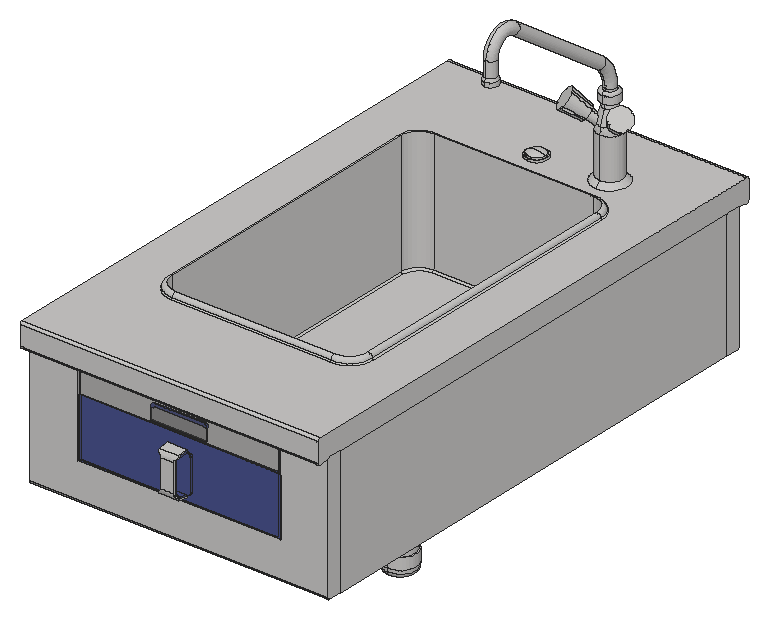
Revit family "QF_ELECTROLUXPROFESSIONAL_589635_MCBGAAEOAO", category Specialty Equipment, Revit 2018
Family settings
  Round Connector Dimension = Use Diameter
  Part Type = Normal
  Work Plane-Based = No
  Always vertical = Yes
  Cut with Voids When Loaded = No
  Shared = No
  Room Calculation Point = No
Parameters
  Weight in Pounds = 55.11
  Watts = 1500 VA  # 1500 W
  Waste Water Discharge Temperature [instance] = -459.67 °F
  Volts = 400 V  # constant formula
  URL Cutsheet = ""
  Type Mark [instance] = ""
  Status [instance] = ""
  Specification by User [instance] = ""
  Specification by Manufacturer = ""
  Small Baine = yes
  Serial Number = ""
  Seismic Rating = ""
  SMACNA No = ""
  Revision Code [instance] = ""
  Plumbing Remarks [instance] = ""
  Plumbing Connection Type [instance] = ""
  Phase = 3  # constant formula
  Omniclass Number and Title = ""
  Number of Poles [instance] = 1
  NAFEM Spec ID Number = ""
  Model = "589635"
  Min Ckt Ampacity = 0 A
  Max Overcurrent Protection = 0 A
  Masterspec = ""
  Manufacturer = "ELECTROLUX"
  Item Number [instance] = ""
  Installed By [instance] = ""
  Indirect Waste Size = 1"
  Indirect Waste Flow [instance] = 0 GPM
  Indirect Waste Connection Type [instance] = ""
  Indirect Waste Connection Height = 0 mm
  Identify Quantity as Lot [instance] = yes
  Hot Water Temperature = -459.67 °F
  Hot Water Size = 3/4"
  Hot Water RI Height [instance] = 0 mm
  Hot Water Minimum Pressure = 0.00 psi
  Hot Water Maximum Pressure = 0.00 psi
  Hot Water Flow [instance] = 0 GPM
  Hot Water Consumption = 0 GPM
  Hot Water Connection Height = 0 mm
  HP = "2 HP"
  Furnished By [instance] = ""
  Foodservice Equipment Identifier [instance] = yes
  FL Amps [instance] = if(Phase = 3, Watts / (Volts * 1.73), Watts / Volts)  # 2.16763 A
  Electrical Remarks = "400 V/3N ph/50/60 Hz"  # constant formula
  Electric Connection Type [instance] = ""
  Elec Conn RI Height [instance] = 0 mm
  Elec Conn Connection Height [instance] = 0 mm
  Direct Waste Size = 1"
  Description = "EL.BAINMARIE,1/1GN,TAP(R),1S,500X900X250"
  Cycle [instance] = if([60 Hertz Option], 60 Hz, 50 Hz)  # 60 Hz
  Conn Plug = ""
  Conn Conduit = yes
  Cold Water Temperature Recommended [instance] = 0 °F
  Cold Water Size = 3/4"
  Cold Water RI Height [instance] = 0 mm
  Cold Water Minimum Pressure = 0.00 psi
  Cold Water Maximum Pressure = 0.00 psi
  Cold Water Flow [instance] = 0 GPM
  Cold Water Consumption = ""
  Cold Water Connection Height = 0 mm
  CSI MasterFormat = ""
  CSI Master Format = ""
  Back Panel [instance] = yes
  Apparent Power [instance] = if(Phase = 3, Volts * FL Amps * 1.73, Volts * FL Amps)  # 1500 VA
  60 Hertz Option [instance] = not([50 Hertz Option])  # yes
  50 Hertz Option [instance] = no
Reference planes
  plane 1 "BACK": y = 0
  plane 2: z = 0
  plane 3 "LEFT": x = 0
  plane 4 "RIGHT": x = 500
  plane 5 "FRONT": y = -900
  plane 6 "TOP": z = 250
  plane 7: x = 250
  plane 8: y = -450
  plane 9: z = 582.185
  plane 10: x = 465
  plane 11: y = -144
Forms (mm)
  Extrusion 1, solid, material "QF_Finishes_Stainless Steel"
    sketch origin (0, -487.128, 0) x (0, 1, 0) y (0, 0, 1)
      loop
        line (483.128, 250) -> (-408.872, 250)
        arc (-408.872, 250) -> (-411.7, 248.828) -> (-412.872, 246) r 4
        line (-412.872, 246) -> (-412.872, 214)
        arc (-412.872, 214) -> (-411.443, 210.936) -> (-408.177, 210.061) r 4
        line (-408.177, 210.061) -> (-391.509, 213) -> (465.765, 213) -> (482.433, 210.061)
        arc (482.433, 210.061) -> (485.699, 210.936) -> (487.128, 214) r 4
        line (487.128, 214) -> (487.128, 246)
        arc (487.128, 246) -> (485.956, 248.828) -> (483.128, 250) r 4
    from 0 to 500
  Extrusion 2, void
    sketch origin (0, -4, 250) x (1, 0, 0) y (0, -1, 0)
      loop
        line (423.051, 206.931) -> (423.051, 685.069)
        arc (423.051, 685.069) -> (411.335, 713.354) -> (383.051, 725.069) r 40
        line (383.051, 725.069) -> (116.931, 725.069)
        arc (116.931, 725.069) -> (88.646, 713.354) -> (76.931, 685.069) r 40
        line (76.931, 685.069) -> (76.931, 206.931)
        arc (76.931, 206.931) -> (88.646, 178.647) -> (116.931, 166.931) r 40
        line (116.931, 166.931) -> (383.051, 166.931)
        arc (383.051, 166.931) -> (411.335, 178.647) -> (423.051, 206.931) r 40
    from 0 to 40
  Extrusion 3, solid, material "QF_Finishes_Stainless Steel"
    sketch origin (-178.969, -4572, 0) x (-1, 0, 0) y (0, -1, 0)
      loop
        line (-178.969, -4526) -> (-178.969, -3718) -> (-678.969, -3718) -> (-678.969, -4526) -> (-178.969, -4526)
      loop
        line (-204.369, -4500.6) -> (-204.369, -3743.4) -> (-653.569, -3743.4) -> (-653.569, -4500.6) -> (-204.369, -4500.6)
    from 0 to 213
  Extrusion 4, solid, material "QF_Finishes_Stainless Steel"
    sketch origin (-178.969, -4572, 0) x (-1, 0, 0) y (0, -1, 0)
      loop
        line (-204.369, -4500.6) -> (-204.369, -3743.4) -> (-653.569, -3743.4) -> (-653.569, -4500.6) -> (-204.369, -4500.6)
    from 0 to 10
  Extrusion 5, solid, material "QF_Finishes_Stainless Steel", visible <- "Back Panel"
    sketch origin (0, 0, 0) x (0, 1, 0) y (0, 0, 1)
      loop
        line (-46, 0) -> (-23, 0)
        arc (-23, 0) -> (-20.879, 0.879) -> (-20, 3) r 3
        line (-20, 3) -> (-20, 213) -> (-46, 213) -> (-46, 0)
    from 0 to 500
  Extrusion 6, solid, material "QF_Finishes_Stainless Steel"
    sketch origin (-50, 0, 0) x (1, 0, 0) y (0, 1, 0)
      loop
        circle (300, -685) r 12.7
    from 0 to 12.5
  Extrusion 7, solid, material "QF_Finishes_Stainless Steel"
    sketch origin (-50, -10.197, 250) x (0, -1, 0) y (1, 0, 0)
      loop
        circle (120.803, 300) r 17.578
    from 0 to 3.2
  Revolve 8, solid, material "QF_Finishes_Stainless Steel"
    sketch origin (0, -131, 2.262) x (1, 0, 0) y (0, 0, 1)
      loop
        line (250, 250.938) -> (250, 256.608)
        arc (250, 256.608) -> (242.261, 255.697) -> (235, 252.868) r 30.732
        line (235, 252.868) -> (235, 250.938) -> (250, 250.938)
      axis (250, 250.938) -> (250, 256.608)
    angle from 0 to 360
  Revolve 9, solid, material "QF_Finishes_Stainless Steel"
    sketch origin (465, 1282.872, -192.047) x (0, 1, 0) y (0, 0, 1)
      loop
        line (-1937.861, 186.547) -> (-1937.861, 192.047) -> (-1967.861, 192.047) -> (-1967.861, 141.547) -> (-1947.861, 141.547)
        arc (-1947.861, 141.547) -> (-1943.618, 143.305) -> (-1941.861, 147.547) r 6
        line (-1941.861, 147.547) -> (-1941.361, 153.547) -> (-1941.361, 172.547) -> (-1944.361, 172.547) -> (-1944.361, 186.547) -> (-1937.861, 186.547)
      axis (-1967.872, 141.547) -> (-1967.872, 192.047)
    angle from 0 to 360
  Revolve 10, solid, material "QF_Finishes_Black"
    sketch origin (365, -104.517, -46.552) x (0, 1, 0) y (0, 0, 1)
      loop
        arc (-25.958, 192.99) -> (-25.178, 193.771) -> (-25.958, 194.552) r 0.781
        line (-25.958, 194.552) -> (-27.459, 194.552) -> (-27.459, 179.552) -> (-29.958, 179.552) -> (-29.958, 177.38) -> (-28.404, 177.38) -> (-27.456, 177.547) -> (-26.894, 178.11) -> (-25.907, 178.11) -> (-25.907, 180.54)
        arc (-25.907, 180.54) -> (-25.128, 181.318) -> (-25.907, 182.097) r 0.779
        arc (-25.907, 182.097) -> (-25.128, 182.875) -> (-25.907, 183.654) r 0.779
        arc (-25.907, 183.654) -> (-25.128, 184.433) -> (-25.907, 185.211) r 0.779
        arc (-25.907, 185.211) -> (-25.128, 185.99) -> (-25.907, 186.768) r 0.779
        arc (-25.907, 186.768) -> (-25.128, 187.547) -> (-25.907, 188.326) r 0.779
        arc (-25.907, 188.326) -> (-25.128, 189.104) -> (-25.907, 189.883) r 0.779
        arc (-25.907, 189.883) -> (-25.128, 190.661) -> (-25.907, 191.44) r 0.779
        arc (-25.907, 191.44) -> (-25.128, 192.219) -> (-25.907, 192.997) r 0.779
      axis (-39.483, 194.552) -> (-39.483, 177.38)
    angle from 0 to 360
  Sweep 11, solid, material "QF_Finishes_Stainless Steel"
    path origin (-178.969, -4572, 0) x (-1, 0, 0) y (0, -1, 0)
      loop
        line (-255.899, -4361.069) -> (-255.899, -3882.931)
        arc (-255.899, -3882.931) -> (-267.615, -3854.646) -> (-295.899, -3842.931) r 40
        line (-295.899, -3842.931) -> (-562.02, -3842.931)
        arc (-562.02, -3842.931) -> (-590.304, -3854.646) -> (-602.02, -3882.931) r 40
        line (-602.02, -3882.931) -> (-602.02, -4361.069)
        arc (-602.02, -4361.069) -> (-590.304, -4389.353) -> (-562.02, -4401.069) r 40
        line (-562.02, -4401.069) -> (-295.899, -4401.069)
        arc (-295.899, -4401.069) -> (-267.615, -4389.353) -> (-255.899, -4361.069) r 40
    profile origin (76.931, -450, 0) x (1, 0, 0) y (0, 0, 1)
      loop
        arc (9.05, 258) -> (4.345, 256.153) -> (1.961, 251.697) r 7.314
        arc (1.961, 251.697) -> (1.3, 250.48) -> (0, 250) r 1.969
        line (0, 250) -> (8.05, 250) -> (8.05, 54)
        arc (8.05, 54) -> (9.221, 51.172) -> (12.05, 50) r 4
        line (12.05, 50) -> (12.05, 51)
        arc (12.05, 51) -> (9.928, 51.879) -> (9.05, 54) r 3
        line (9.05, 54) -> (9.05, 258)
  Extrusion 12, solid, material "QF_Finishes_Stainless Steel"
    sketch origin (-178.969, -4572, 0) x (-1, 0, 0) y (0, -1, 0)
      loop
        arc (-267.949, -3882.931) -> (-276.135, -3863.167) -> (-295.899, -3854.98) r 27.95
        line (-295.899, -3854.98) -> (-562.02, -3854.98)
        arc (-562.02, -3854.98) -> (-581.784, -3863.167) -> (-589.97, -3882.931) r 27.95
        line (-589.97, -3882.931) -> (-589.97, -4361.069)
        arc (-589.97, -4361.069) -> (-581.784, -4380.833) -> (-562.02, -4389.02) r 27.95
        line (-562.02, -4389.02) -> (-295.899, -4389.02)
        arc (-295.899, -4389.02) -> (-276.135, -4380.833) -> (-267.949, -4361.069) r 27.95
        line (-267.949, -4361.069) -> (-267.949, -3882.931)
    from 50 to 51
Cuts and joins
  Extrusion 2 cuts Extrusion 1
  joined: Extrusion 3, Extrusion 4
  joined: Sweep 11, Extrusion 12
Lines and regions (mm)
  symbolic lines
    curve 1: line (0, 0, 0) -> (500, 0, 0)
    curve 2: line (0, -900, 0) -> (0, 0, 0)
    curve 3: line (500, -900, 0) -> (0, -900, 0)
    curve 4: line (500, 0, 0) -> (500, -900, 0)
    curve 5: circle (250, -664.789, 0) r 14.885 normal (0, 0, 1)
    curve 6: circle (250, -131, 0) r 15 normal (0, 0, 1)
    curve 7: circle (250, -131, 0) r 17.578 normal (0, 0, 1)
    curve 8: line (85.98, -689.069, 0) -> (85.98, -210.931, 0)
    curve 9: arc (85.98, -689.069, 0) -> (95.045, -710.955, 0) -> (116.931, -720.02, 0) r 30.95
    curve 10: line (383.051, -720.02, 0) -> (116.931, -720.02, 0)
    curve 11: line (116.931, -729.069, 0) -> (383.051, -729.069, 0)
    curve 12: arc (76.931, -689.069, 0) -> (88.646, -717.354, 0) -> (116.931, -729.069, 0) r 40
    curve 13: line (76.931, -210.931, 0) -> (76.931, -689.069, 0)
    curve 14: arc (383.051, -720.02, 0) -> (404.936, -710.955, 0) -> (414.001, -689.069, 0) r 30.95
    curve 15: arc (423.051, -689.069, 0) -> (411.335, -717.354, 0) -> (383.051, -729.069, 0) r 40
    curve 16: line (423.051, -689.069, 0) -> (423.051, -210.931, 0)
    curve 17: line (414.001, -210.931, 0) -> (414.001, -689.069, 0)
    curve 18: arc (414.001, -210.931, 0) -> (404.936, -189.046, 0) -> (383.051, -179.98, 0) r 30.95
    curve 19: arc (383.051, -170.931, 0) -> (411.335, -182.647, 0) -> (423.051, -210.931, 0) r 40
    curve 20: line (383.051, -170.931, 0) -> (374.525, -170.931, 0)
    curve 21: line (116.931, -179.98, 0) -> (355.475, -179.98, 0)
    curve 22: arc (116.931, -179.98, 0) -> (95.045, -189.046, 0) -> (85.98, -210.931, 0) r 30.95
    curve 23: arc (76.931, -210.931, 0) -> (88.646, -182.647, 0) -> (116.931, -170.931, 0) r 40
    curve 24: line (374.525, -179.98, 0) -> (383.051, -179.98, 0)
    curve 25: line (355.475, -170.931, 0) -> (330.326, -170.931, 0)
    curve 26: line (320.303, -170.931, 0) -> (116.931, -170.931, 0)
Dimensions and locks
  plane 3 "LEFT" to plane 4 "RIGHT" = 500 mm
  plane 5 "FRONT" to plane 1 "BACK" = 900 mm
  equal spacing: plane 3 "LEFT", plane 7, plane 4 "RIGHT"
  equal spacing: plane 5 "FRONT", plane 8, plane 1 "BACK"
  plane 6 "TOP" to level = 250 mm  (x2)
  plane 1 "BACK" to plane 5 "FRONT" = 900 mm
  Extrusion 6 sketch curve to plane 1 "BACK" = 685 mm
  Extrusion 6 sketch curve to plane 4 "RIGHT" = 250 mm
  plane 5 "FRONT" to nested 1 = 779 mm
  Revolve 10 to level = 148 mm
  plane 1 "BACK" to Extrusion 6 = 685 mm
  nested 1 to plane 4 "RIGHT" = 135 mm
  plane 4 "RIGHT" to plane 10 = 35 mm
  plane 5 "FRONT" to Revolve 8 = 769 mm
  plane 1 "BACK" to plane 11 = 144 mm
  aligned and locked: level to plane 2
Automatic sketch dimensions
  Extrusion 1 sketch curve to plane 5 "FRONT" = 0 mm
  Extrusion 1 sketch curve to plane 6 "TOP" = 0 mm
  Extrusion 1 sketch curve to plane 1 "BACK" = 0 mm
  Extrusion 1 sketch curve to plane 6 "TOP" = 37 mm
  Extrusion 1 sketch curve to plane 5 "FRONT" = 4 mm  (x2)
  Extrusion 1 sketch curve to plane 5 "FRONT" = 21.363 mm
  plane 1 "BACK" to Extrusion 1 sketch curve = 21.363 mm
  plane 1 "BACK" to Extrusion 1 sketch curve = 4 mm
  Extrusion 1 sketch curve to Extrusion 1 sketch curve = 0.695 mm
  Extrusion 1 sketch curve to Extrusion 1 sketch curve = 0 mm  (x4)
  plane 1 "BACK" to Extrusion 1 sketch curve = 4.695 mm
  Extrusion 1 sketch curve to Extrusion 1 sketch curve = 4 mm
  Extrusion 1 sketch curve to Extrusion 1 sketch curve = 1 mm  (x2)
  Extrusion 3 sketch curve to plane 4 "RIGHT" = 0 mm
  Extrusion 3 sketch curve to plane 3 "LEFT" = 0 mm
  plane 1 "BACK" to Extrusion 3 sketch curve = 46 mm
  plane 4 "RIGHT" to Extrusion 3 sketch curve = 25.4 mm
  plane 3 "LEFT" to Extrusion 3 sketch curve = 25.4 mm
  Extrusion 3 sketch curve to Extrusion 3 sketch curve = 25.4 mm  (x2)
  Extrusion 3 sketch curve to plane 5 "FRONT" = 71.4 mm
  plane 4 "RIGHT" to Extrusion 4 sketch curve = 25.4 mm
  plane 1 "BACK" to Extrusion 4 sketch curve = 71.4 mm
  plane 3 "LEFT" to Extrusion 4 sketch curve = 25.4 mm
  Extrusion 4 sketch curve to plane 5 "FRONT" = 71.4 mm
  plane 1 "BACK" to Revolve 9 sketch curve = 684.989 mm
  Revolve 9 sketch curve to plane 6 "TOP" = 300.5 mm
  Revolve 9 sketch curve to Revolve 9 sketch curve = 20 mm
  Revolve 9 sketch curve to Revolve 9 sketch curve = 3.5 mm
  Revolve 9 sketch curve to Revolve 9 sketch curve = 6 mm  (x2)
  Revolve 9 sketch curve to Revolve 9 sketch curve = 3 mm
  Revolve 9 sketch curve to Revolve 9 sketch curve = 6.5 mm
  plane 1 "BACK" to Revolve 9 sketch curve = 685 mm
  Revolve 9 sketch curve to Revolve 9 sketch curve = 19 mm
  Revolve 9 sketch curve to Revolve 9 sketch curve = 14 mm
  Revolve 9 sketch curve to Revolve 9 sketch curve = 5.5 mm
  Revolve 9 sketch curve to Revolve 9 sketch curve = 6.734 mm
  Revolve 9 sketch curve to plane 6 "TOP" = 222.234 mm
  level to Revolve 10 sketch curve = 130.828 mm
  Revolve 10 sketch curve to Revolve 10 sketch curve = 1.554 mm
  Revolve 10 sketch curve to Revolve 10 sketch curve = 2.499 mm
  Revolve 10 sketch curve to Revolve 10 sketch curve = 0.948 mm
  Revolve 10 sketch curve to Revolve 10 sketch curve = 0.562 mm  (x2)
  Revolve 10 sketch curve to Revolve 10 sketch curve = 1.5 mm
  Revolve 10 sketch curve to Revolve 10 sketch curve = 0.987 mm  (x2)
  Revolve 10 sketch curve to Revolve 10 sketch curve = 0 mm  (x12)
  Revolve 10 sketch curve to Revolve 10 sketch curve = 0.052 mm  (x2)
  Revolve 10 sketch curve to Revolve 10 sketch curve = 0.167 mm
  Revolve 10 sketch curve to Revolve 10 sketch curve = 2.172 mm
  Revolve 10 sketch curve to Revolve 10 sketch curve = 14.013 mm
  Revolve 10 sketch curve to Revolve 10 sketch curve = 0.779 mm  (x8)
  Revolve 10 sketch curve to Revolve 10 sketch curve = 0.007 mm
  Revolve 10 sketch curve to Revolve 10 sketch curve = 0.878 mm
  Revolve 10 sketch curve to Revolve 10 sketch curve = 1.95 mm
  plane 1 "BACK" to Revolve 10 sketch curve = 134.475 mm
  Revolve 10 sketch curve to Revolve 10 sketch curve = 9.525 mm
  Extrusion 5 sketch curve to level = 0 mm
  level to Extrusion 5 sketch curve = 3 mm
  Extrusion 5 sketch curve to Extrusion 5 sketch curve = 23 mm
  plane 1 "BACK" to Extrusion 5 sketch curve = 20 mm
  Extrusion 5 sketch curve to plane 6 "TOP" = 37 mm
  Extrusion 1 to Extrusion 7 sketch curve = 127 mm
  Extrusion 1 to Extrusion 7 sketch curve = 250 mm
  Revolve 8 sketch curve to plane 7 = 0 mm  (x2)
  plane 6 "TOP" to Revolve 8 sketch curve = 3.2 mm
  plane 6 "TOP" to Revolve 8 sketch curve = 5.13 mm
  Revolve 8 sketch curve to plane 7 = 15 mm
  Revolve 8 sketch curve to plane 7 = 0.304 mm
  Revolve 8 sketch curve to Revolve 8 sketch curve = 5.67 mm
  Revolve 8 sketch curve to plane 6 "TOP" = 2.738 mm
  Revolve 8 sketch curve to Revolve 8 sketch curve = 6.568 mm
  curve 6 to curve 7 = 0 mm  (x2)
  plane 1 "BACK" to curve 1 = 0 mm
  curve 3 to plane 3 "LEFT" = 0 mm
  plane 5 "FRONT" to curve 2 = 0 mm
  curve 5 to plane 7 = 0 mm
  curve 7 to plane 7 = 0 mm
  curve 4 to plane 4 "RIGHT" = 0 mm
  Extrusion 1 to Extrusion 2 sketch curve = 76.931 mm
  Extrusion 1 to Extrusion 2 sketch curve = 166.931 mm
  Extrusion 2 sketch curve to Extrusion 2 sketch curve = 40 mm  (x3)
  Extrusion 1 to Extrusion 2 sketch curve = 116.949 mm  (x2)
  Extrusion 1 to Extrusion 2 sketch curve = 206.931 mm
  plane 1 "BACK" to curve 6 = 131 mm
  curve 5 to plane 8 = 214.789 mm
  Sweep 11 sketch curve to plane 10 = 41.949 mm
  plane 11 to Sweep 11 sketch curve = 26.931 mm
  Sweep 11 sketch curve to Sweep 11 sketch curve = 40 mm  (x3)
  plane 3 "LEFT" to Sweep 11 sketch curve = 116.931 mm  (x2)
  Sweep 11 sketch curve to plane 5 "FRONT" = 210.931 mm
  Sweep 11 sketch curve to Sweep 11 sketch curve = 0 mm  (x3)
  profile plane to Sweep 11 sketch curve = 0 mm
  Sweep 11 sketch curve to profile plane = 12.05 mm
  profile plane to Sweep 11 sketch curve = 50 mm
  Sweep 11 sketch curve to Sweep 11 sketch curve = 4 mm
  Sweep 11 sketch curve to Sweep 11 sketch curve = 1 mm
  Sweep 11 sketch curve to profile plane = 0.011 mm
  Sweep 11 sketch curve to profile plane = 1.961 mm
  Sweep 11 sketch curve to Sweep 11 sketch curve = 1.156 mm
  Sweep 11 sketch curve to Sweep 11 sketch curve = 196 mm
  Sweep 11 sketch curve to Sweep 11 sketch curve = 8 mm
  Extrusion 12 sketch curve to plane 10 = 53.999 mm
  plane 11 to Extrusion 12 sketch curve = 38.98 mm
  Extrusion 12 sketch curve to Extrusion 12 sketch curve = 27.95 mm  (x3)
  plane 3 "LEFT" to Extrusion 12 sketch curve = 116.931 mm  (x2)
  Extrusion 12 sketch curve to plane 5 "FRONT" = 210.931 mm
  plane 3 "LEFT" to curve 8 = 85.98 mm
  curve 8 to plane 5 "FRONT" = 210.931 mm
  curve 9 to curve 8 = 30.95 mm
  plane 11 to curve 8 = 66.931 mm
  curve 10 to plane 10 = 81.949 mm
  curve 9 to curve 12 = 0 mm  (x2)
  curve 11 to plane 5 "FRONT" = 170.931 mm
  curve 11 to curve 10 = 0 mm
  curve 13 to curve 8 = 0 mm
  curve 14 to curve 14 = 30.95 mm
  curve 14 to curve 15 = 0 mm
  curve 17 to curve 18 = 30.95 mm
  curve 18 to curve 19 = 0 mm  (x2)
  curve 26 to curve 8 = 30.95 mm
  curve 21 to curve 26 = 0 mm
  curve 21 to plane 10 = 109.525 mm
  curve 25 to plane 10 = 109.525 mm
  plane 7 to curve 26 = 70.303 mm
  plane 7 to curve 25 = 80.326 mm
  curve 20 to plane 10 = 90.475 mm
  plane 11 to curve 25 = 26.931 mm
  plane 11 to curve 24 = 35.98 mm
  curve 24 to plane 10 = 90.475 mm
  radius of Extrusion 6 sketch curve = 12.7 mm
  radius of Extrusion 7 sketch curve = 17.578 mm
  radius of curve 5 = 14.885 mm
  radius of curve 6 = 15 mm
  radius of curve 7 = 17.578 mm
Nested families
  nested 1: "Thermaline Faucet" at (365, -121, 0), type "Thermaline Faucet"
  nested 2: "EB_900_500_Front Panel" at (202.376, -855, -650), type "EB_900_500_Front Panel"
Connectors
  piping at (250, -685, 0), diameter 25.4
    settings: on Extrusion 6, index 3, connector inside diameter 1", connector length 0 mm, flow factor 0, pipe flow 0 GPM, pressure drop 0.00 psi, fitting loss kfactor 0, connector angle 0.00°, fixture units 0, engagement length 0 mm, angle of deflection 0.00°, flow configuration 1, flow direction 2, fitting loss method 0, system type 16, joint type 0, gender type 0, connector reference index -1, connector utility 0, adjustable connector no, is connector primary yes, connector description "DRAIN"
  electrical at (465, -685, 0), driven by "Volts", driven by "Watts"
    settings: on Revolve 9, index 4, voltage 400 V, apparent load 1500 VA, apparent load phase1 0 VA, apparent load phase2 0 VA, apparent load phase3 0 VA, power factor 1, load classification "Other", number of poles 1, system type 30, power factor state 1, is connector primary yes, connector utility no, sub classification motor no, connector description "ELECTRICAL CONNECTION"
  piping at (365, -144, 130.828), diameter 19
    settings: on Revolve 10, index 5, connector inside diameter 0.74803", connector length 0 mm, flow factor 0, pipe flow 0 GPM, pressure drop 0.00 psi, fitting loss kfactor 0, connector angle 0.00°, fixture units 0, engagement length 0 mm, angle of deflection 0.00°, flow configuration 1, flow direction 1, fitting loss method 0, system type 20, joint type 0, gender type 0, connector reference index -1, connector utility 0, adjustable connector no, is connector primary no, connector description "COLD WATER INLET"
  piping at (365, -144, 130.828), diameter 19
    settings: on Revolve 10, index 6, connector inside diameter 0.74803", connector length 0 mm, flow factor 0, pipe flow 0 GPM, pressure drop 0.00 psi, fitting loss kfactor 0, connector angle 0.00°, fixture units 0, engagement length 0 mm, angle of deflection 0.00°, flow configuration 1, flow direction 1, fitting loss method 0, system type 19, joint type 0, gender type 0, connector reference index -1, connector utility 0, adjustable connector no, is connector primary no, connector description "HOT WATER INLET"
Definition of nested family "Thermaline Faucet"
  Reference planes
    plane 1 "Center (Front/Back)": y = 0
    plane 2: z = 0
    plane 3 "Center (Left/Right)": x = 0
  Forms (mm)
    Revolve 1, solid
      sketch origin (0, 110, 0) x (0, 1, 0) y (0, 0, 1)
        loop
          line (-110, 250) -> (-80.897, 250) -> (-89.277, 258.38) -> (-89.277, 326.173)
          arc (-89.277, 326.173) -> (-89.737, 332.364) -> (-91.107, 338.419) r 41.887
          line (-91.107, 338.419) -> (-98.513, 362.642)
          arc (-98.513, 362.642) -> (-99.453, 366.971) -> (-99.667, 371.396) r 26.78
          line (-99.667, 371.396) -> (-94.537, 371.396) -> (-94.537, 383.339)
          arc (-94.537, 383.339) -> (-95.799, 386.384) -> (-98.844, 387.646) r 4.307
          line (-98.844, 387.646) -> (-110, 387.646) -> (-110, 250)
        axis (-110, 387.646) -> (-110, 250)
      angle from 0 to 360
    Sweep 2, solid
      path origin (-70, 110, 0) x (0, 1, 0) y (0, 0, 1)
        loop
          line (-110, 387.646) -> (-110, 391.879)
          arc (-110, 391.879) -> (-115.995, 416.848) -> (-132.672, 436.375) r 55
          line (-132.672, 436.375) -> (-312.366, 566.931)
          arc (-312.366, 566.931) -> (-343.62, 569.39) -> (-360, 542.66) r 30
          line (-360, 542.66) -> (-360, 517.854)
      profile origin (-70, 0, 389.762) x (0, -1, 0) y (1, 0, 0)
        loop
          circle (0, 70) r 9.525
    Revolve 3, solid
      sketch origin (0, 104.787, 374.993) x (0, 1, 0) y (0, 0, 1)
        loop
          line (-354.787, 136.51) -> (-354.787, 142.86) -> (-364.312, 142.86) -> (-366.717, 136.51) -> (-366.717, 130.16) -> (-354.787, 130.16) -> (-354.787, 136.51)
        axis (-354.787, 130.16) -> (-354.787, 142.86)
      angle from 0 to 360
    Blend 4, solid
      base sketch origin (79.461, -905.497, 152.805) x (0.692474, 0.046138, 0.719966) y (0.40024, -0.854864, -0.330174)
        loop
          arc (109.326, -848.459) -> (98.651, -853.462) -> (93.381, -864.007) r 17.953
          arc (93.381, -864.007) -> (95.845, -865.98) -> (93.297, -867.845) r 1.988
          arc (93.297, -867.845) -> (98.373, -878.893) -> (109.326, -884.172) r 17.953
          arc (109.326, -884.172) -> (111.185, -882.313) -> (113.044, -884.172) r 1.859
          arc (113.044, -884.172) -> (123.997, -878.893) -> (129.073, -867.845) r 17.953
          arc (129.073, -867.845) -> (127.548, -865.958) -> (128.989, -864.007) r 1.984
          arc (128.989, -864.007) -> (123.762, -853.504) -> (113.164, -848.472) r 17.953
          arc (113.164, -848.472) -> (111.239, -850.043) -> (109.326, -848.459) r 1.956
      top sketch origin (79.461, -905.497, 152.805) x (0.692474, 0.046138, 0.719966) y (0.40024, -0.854864, -0.330174)
        loop
          arc (109.326, -853.371) -> (102.264, -856.945) -> (98.69, -864.007) r 12.7
          arc (98.69, -864.007) -> (100.609, -865.926) -> (98.69, -867.845) r 1.919
          arc (98.69, -867.845) -> (102.264, -874.906) -> (109.326, -878.48) r 12.7
          arc (109.326, -878.48) -> (111.245, -876.561) -> (113.164, -878.48) r 1.919
          arc (113.164, -878.48) -> (120.225, -874.906) -> (123.799, -867.845) r 12.7
          arc (123.799, -867.845) -> (121.88, -865.926) -> (123.799, -864.007) r 1.919
          arc (123.799, -864.007) -> (120.225, -856.945) -> (113.164, -853.371) r 12.7
          arc (113.164, -853.371) -> (111.245, -854.791) -> (109.326, -853.371) r 2.007
      from 239.294 to 275.758
    Extrusion 5, solid
      sketch origin (244.982, -762.986, -15.528) x (0.692474, 0.046138, 0.719966) y (0.40024, -0.854864, -0.330174)
        loop
          circle (111.245, -865.926) r 8.197
      from 0 to 21.835
    Blend 6, solid
      base sketch origin (-79.461, -905.497, 152.805) x (-0.692474, 0.046138, 0.719966) y (0.40024, 0.854864, 0.330174)
        loop
          arc (109.326, 848.459) -> (111.239, 850.043) -> (113.164, 848.472) r 1.956
          arc (113.164, 848.472) -> (123.762, 853.504) -> (128.989, 864.007) r 17.953
          arc (128.989, 864.007) -> (127.548, 865.958) -> (129.073, 867.845) r 1.984
          arc (129.073, 867.845) -> (123.997, 878.893) -> (113.044, 884.172) r 17.953
          arc (113.044, 884.172) -> (111.185, 882.313) -> (109.326, 884.172) r 1.859
          arc (109.326, 884.172) -> (98.373, 878.893) -> (93.297, 867.845) r 17.953
          arc (93.297, 867.845) -> (95.845, 865.98) -> (93.381, 864.007) r 1.988
          arc (93.381, 864.007) -> (98.651, 853.462) -> (109.326, 848.459) r 17.953
      top sketch origin (-79.461, -905.497, 152.805) x (-0.692474, 0.046138, 0.719966) y (0.40024, 0.854864, 0.330174)
        loop
          arc (109.326, 853.371) -> (111.245, 854.791) -> (113.164, 853.371) r 2.007
          arc (113.164, 853.371) -> (120.225, 856.945) -> (123.799, 864.007) r 12.7
          arc (123.799, 864.007) -> (121.88, 865.926) -> (123.799, 867.845) r 1.919
          arc (123.799, 867.845) -> (120.225, 874.906) -> (113.164, 878.48) r 12.7
          arc (113.164, 878.48) -> (111.245, 876.561) -> (109.326, 878.48) r 1.919
          arc (109.326, 878.48) -> (102.264, 874.906) -> (98.69, 867.845) r 12.7
          arc (98.69, 867.845) -> (100.609, 865.926) -> (98.69, 864.007) r 1.919
          arc (98.69, 864.007) -> (102.264, 856.945) -> (109.326, 853.371) r 12.7
      from 239.294 to 275.758
    Extrusion 7, solid
      sketch origin (-244.982, -762.986, -15.528) x (-0.692474, 0.046138, 0.719966) y (0.40024, 0.854864, 0.330174)
        loop
          circle (111.245, 865.926) r 8.197
      from 0 to 21.835
  Cuts and joins
    joined: Revolve 1, Extrusion 5, Extrusion 7
  Lines and regions (mm)
    symbolic lines
      curve 1: line (-9.525, 0, 0) -> (-9.525, -250, 0)
      curve 2: line (9.525, 0, 0) -> (9.525, -250, 0)
      curve 3: arc (-9.525, -250, 0) -> (0, -259.525, 0) -> (9.525, -250, 0) r 9.525
      curve 4: arc (-9.525, -242.817, 0) -> (0, -261.93, 0) -> (9.525, -242.817, 0) r 11.93
      curve 5: arc (-9.525, 0, 0) -> (0, 9.525, 0) -> (9.525, 0, 0) r 9.525
      curve 6: arc (9.525, -12.181, 0) -> (0, 15.463, 0) -> (-9.525, -12.181, 0) r 15.463
      curve 7: arc (9.525, -27.5, 0) -> (12.082, -26.477, 0) -> (14.531, -25.216, 0) r 29.103
      curve 8: arc (-14.531, -25.216, 0) -> (-12.082, -26.477, 0) -> (-9.525, -27.5, 0) r 29.103
      curve 9: arc (28.284, -6.858, 0) -> (0, 29.103, 0) -> (-28.284, -6.858, 0) r 29.103
      curve 10: arc (9.525, -18.405, 0) -> (0, 20.723, 0) -> (-9.525, -18.405, 0) r 20.723
      curve 11: line (-14.012, -24.575, 0) -> (-34.324, -49.658, 0)
      curve 12: line (-32.144, -6.442, 0) -> (-58.383, -20.986, 0)
      curve 13: spline (-58.383, -20.986, 0) -> (-60.104, -23.263, 0) -> (-60.887, -26.361, 0) -> (-60.681, -30.07, 0) -> (-59.498, -34.136, 0) -> (-57.419, -38.284, 0) -> (-54.586, -42.23, 0) -> (-51.192, -45.705, 0) -> (-47.468, -48.472, 0) -> (-43.669, -50.344, 0) -> (-40.052, -51.191, 0) -> (-36.865, -50.958, 0) -> (-34.324, -49.658, 0) -> (-32.603, -47.382, 0) -> (-31.82, -44.284, 0) -> (-32.026, -40.575, 0) -> (-33.21, -36.508, 0) -> (-35.288, -32.36, 0) -> (-38.121, -28.415, 0) -> (-41.515, -24.94, 0) -> (-45.239, -22.172, 0) -> (-49.039, -20.301, 0) -> (-52.655, -19.453, 0) -> (-55.842, -19.687, 0) -> (-58.383, -20.986, 0)
      curve 14: line (-25.398, -7.744, 0) -> (-20.415, -3.562, 0)
      curve 15: line (-14.519, -20.314, 0) -> (-11.467, -17.262, 0)
      curve 16: line (14.012, -24.575, 0) -> (34.324, -49.658, 0)
      curve 17: spline (58.383, -20.986, 0) -> (60.104, -23.263, 0) -> (60.887, -26.361, 0) -> (60.681, -30.07, 0) -> (59.498, -34.136, 0) -> (57.419, -38.284, 0) -> (54.586, -42.23, 0) -> (51.192, -45.705, 0) -> (47.468, -48.472, 0) -> (43.669, -50.344, 0) -> (40.052, -51.191, 0) -> (36.865, -50.958, 0) -> (34.324, -49.658, 0) -> (32.603, -47.382, 0) -> (31.82, -44.284, 0) -> (32.026, -40.575, 0) -> (33.21, -36.508, 0) -> (35.288, -32.36, 0) -> (38.121, -28.415, 0) -> (41.515, -24.94, 0) -> (45.239, -22.172, 0) -> (49.039, -20.301, 0) -> (52.655, -19.453, 0) -> (55.842, -19.687, 0) -> (58.383, -20.986, 0)
      curve 18: line (25.398, -7.744, 0) -> (20.415, -3.562, 0)
      curve 19: line (14.519, -20.314, 0) -> (11.467, -17.262, 0)
      curve 20: arc (-32.144, -6.442, 0) -> (-19.323, -11.753, 0) -> (-14.012, -24.575, 0) r 18.133
      curve 21: line (32.144, -6.442, 0) -> (58.383, -20.986, 0)
      curve 22: arc (32.144, -6.442, 0) -> (19.323, -11.753, 0) -> (14.012, -24.575, 0) r 18.133
Definition of nested family "EB_900_500_Front Panel"
  Reference planes
    plane 1 "Center (Front/Back)": y = 0
    plane 2: z = 0
    plane 3 "Center (Left/Right)": x = 47.624
    plane 4: x = -202.376
    plane 5: x = 297.624
    plane 6: y = -45
  Forms (mm)
    Extrusion 1, solid
      sketch origin (833.217, 829.203, -1.25) x (0, 1, 0) y (0, 0, 1)
        loop
          arc (-854.203, 654.25) -> (-853.324, 652.129) -> (-851.203, 651.25) r 3
          line (-851.203, 651.25) -> (-829.203, 651.25) -> (-829.203, 864.25) -> (-854.203, 864.25) -> (-854.203, 654.25)
      from -1035.593 to -535.593
    Extrusion 2, void
      sketch origin (33.217, 829.203, -1.25) x (1, 0, 0) y (0, 0, 1)
        loop
          line (-155.593, 855.116) -> (-155.593, 713.116) -> (184.407, 713.116) -> (184.407, 855.116) -> (-155.593, 855.116)
      from 848.59 to 854.203
  Cuts and joins
    Extrusion 2 cuts Extrusion 1
  Dimensions and locks
    equal spacing: plane 5, plane 3 "Center (Left/Right)", plane 4
    plane 5 to plane 4 = 500 mm
    aligned and locked: cut or joined group of Extrusion 1, Extrusion 2 to plane 4
    aligned and locked: plane 5 to cut or joined group of Extrusion 1, Extrusion 2
    aligned and locked: plane 3 "Center (Left/Right)" to nested 2
    aligned and locked: cut or joined group of Extrusion 1, Extrusion 2 to nested 2
    aligned and locked: plane 3 "Center (Left/Right)" to nested 1
  Automatic sketch dimensions
    Extrusion 1 sketch curve to plane 1 "Center (Front/Back)" = 0 mm
    plane 1 "Center (Front/Back)" to Extrusion 1 sketch curve = 22 mm
    Extrusion 1 sketch curve to Extrusion 1 sketch curve = 3 mm
    level to Extrusion 1 sketch curve = 650 mm
    Extrusion 1 sketch curve to Extrusion 1 sketch curve = 210 mm
    plane 4 to Extrusion 2 sketch curve = 80 mm
    Extrusion 2 sketch curve to plane 5 = 80 mm
    level to Extrusion 2 sketch curve = 711.866 mm
    Extrusion 2 sketch curve to Extrusion 2 sketch curve = 142 mm
  Nested families
    nested 1: "Range Control Handle" at (47.624, -28.137, -209.113) x (-1, 0, 0) z (0, 0, 1), type "Range Control Handle"
    nested 2: "glass conrol panel" at (47.624, 280.644, 2.752), type "glass conrol panel"
  Definition of nested family "Range Control Handle"
    Reference planes
      plane 1 "Center (Front/Back)": y = 0
      plane 2: z = 0
      plane 3 "Center (Left/Right)": x = 0
      plane 4: z = 971.092
      plane 5: y = -16.9
    Forms (mm)
      Extrusion 1, solid
        sketch origin (-746.28, 380.497, 208.931) x (-1, 0, 0) y (0, 0, 1)
          loop
            line (-770.101, 786.798) -> (-770.101, 731.649)
            arc (-770.101, 731.649) -> (-769.759, 730.563) -> (-768.855, 729.87) r 1.893
            line (-768.855, 729.87) -> (-763.474, 727.911) -> (-729.81, 727.911) -> (-724.428, 729.87)
            arc (-724.428, 729.87) -> (-723.525, 730.563) -> (-723.183, 731.649) r 1.893
            line (-723.183, 731.649) -> (-723.183, 786.798)
            arc (-723.183, 786.798) -> (-723.529, 787.894) -> (-724.44, 788.593) r 1.91
            line (-724.44, 788.593) -> (-729.683, 790.819) -> (-763.601, 790.819) -> (-768.844, 788.593)
            arc (-768.844, 788.593) -> (-769.755, 787.894) -> (-770.101, 786.798) r 1.91
        from -382.35 to -378.852
      Sweep 2, solid
        path origin (-746.788, 380.496, 208.091) x (0, -1, 0) y (0, 0, 1)
          loop
            line (379.775, 793.281) -> (395.661, 791.048)
            arc (395.661, 791.048) -> (397.781, 787.377) -> (398.517, 783.202) r 12.207
            line (398.517, 783.202) -> (398.517, 737.368)
            arc (398.517, 737.368) -> (397.781, 733.193) -> (395.661, 729.522) r 12.207
            line (395.661, 729.522) -> (379.775, 727.289)
        profile origin (-746.788, -7.222, 1000.256) x (0, -0.139173, 0.990268) y (-1, 0, 0)
          loop
            line (0.782, -763.123) -> (0.782, -730.907) -> (-1.322, -730.907) -> (-1.322, -763.123) -> (0.782, -763.123)
      Sweep 3, solid
        path origin (-746.788, 380.715, 207.832) x (0, -1, 0) y (0, 0, 1)
          loop
            line (380.478, 795.442) -> (397.218, 793.09)
            arc (397.218, 793.09) -> (399.929, 788.473) -> (400.871, 783.202) r 15.207
            line (400.871, 783.202) -> (400.871, 737.584)
            arc (400.871, 737.584) -> (399.914, 732.274) -> (397.164, 727.633) r 15.207
            line (397.164, 727.633) -> (380.601, 725.305)
        profile origin (-746.788, -8.132, 1002.099) x (0, -0.139173, 0.990268) y (-1, 0, 0)
          loop
            line (0.782, -763.123) -> (0.782, -730.907) -> (-1.322, -730.907) -> (-1.322, -763.123) -> (0.782, -763.123)
      Extrusion 4, void
        sketch origin (889.253, 220.666, 207.993) x (1, 0, 0) y (0, 0, 1)
          loop
            line (-943.038, 816.854) -> (-943.038, 703.686) -> (-899.466, 734.196) -> (-899.466, 786.344) -> (-943.038, 816.854)
        from 230.636 to 242.25
      Extrusion 5, void
        sketch origin (-888.8, 220.666, 207.993) x (-1, 0, 0) y (0, 0, -1)
          loop
            line (-943.038, -816.854) -> (-899.466, -786.344) -> (-899.466, -734.196) -> (-943.038, -703.686) -> (-943.038, -816.854)
        from 230.636 to 242.25
      Extrusion 6, solid
        sketch origin (0, 0, 0) x (1, 0, 0) y (0, 0, 1)
          loop
            circle (0, 971.092) r 7.736
        from -3.137 to -1.645
    Cuts and joins
      Extrusion 4, Extrusion 5 cuts Sweep 3
      Extrusion 4, Extrusion 5 cuts Sweep 2
      joined: Extrusion 1, Extrusion 6
    Lines and regions (mm)
      symbolic lines
        curve 1: line (16.334, -16.9, 0) -> (16.334, -19.227, 0)
        curve 2: spline (16.334, -19.227, 0) -> (15.87, -19.385, 0) -> (15.404, -19.536, 0) -> (14.936, -19.678, 0) -> (14.466, -19.813, 0) -> (13.995, -19.94, 0) -> (13.523, -20.059, 0) -> (13.049, -20.171, 0) -> (12.575, -20.274, 0) -> (12.099, -20.37, 0) -> (11.622, -20.458, 0) -> (11.144, -20.537, 0) -> (10.666, -20.609, 0)
        curve 3: line (10.666, -16.9, 0) -> (10.666, -20.938, 0)
        curve 4: line (-10.213, -20.938, 0) -> (10.666, -20.938, 0)
        curve 5: line (-10.213, -20.938, 0) -> (-10.213, -16.9, 0)
        curve 6: spline (-10.213, -20.609, 0) -> (-10.691, -20.537, 0) -> (-11.169, -20.458, 0) -> (-11.646, -20.37, 0) -> (-12.122, -20.274, 0) -> (-12.597, -20.171, 0) -> (-13.07, -20.059, 0) -> (-13.542, -19.94, 0) -> (-14.013, -19.813, 0) -> (-14.483, -19.678, 0) -> (-14.951, -19.536, 0) -> (-15.417, -19.385, 0) -> (-15.881, -19.227, 0)
        curve 7: line (-15.881, -19.227, 0) -> (-15.881, -16.9, 0)
  Definition of nested family "glass conrol panel"
    Reference planes
      plane 1 "Center (Front/Back)": y = 0
      plane 2: z = 0
      plane 3 "Center (Left/Right)": x = 0
    Forms (mm)
      Extrusion 1, solid
        sketch origin (396.291, 0, 0.617) x (1, 0, 0) y (0, 0, 1)
          loop
            line (-566.291, 806.791) -> (-566.291, 708.497) -> (-226.291, 708.497) -> (-226.291, 806.791) -> (-566.291, 806.791)
        from 300.031 to 304.8
      Extrusion 2, solid
        sketch origin (396.291, 0, 0.617) x (1, 0, 0) y (0, 0, 1)
          loop
            line (-566.291, 850.497) -> (-566.291, 806.791) -> (-226.291, 806.791) -> (-226.291, 850.497) -> (-566.291, 850.497)
        from 300.031 to 304.8
      Extrusion 3, void
        sketch origin (396.291, 0, 0.617) x (1, 0, 0) y (0, 0, 1)
          loop
            line (-563.291, 847.565) -> (-563.291, 710.699) -> (-229.291, 710.699) -> (-229.291, 847.565) -> (-563.291, 847.565)
        from 303.697 to 304.8
      Extrusion 4, solid
        sketch origin (-308.309, 1.101, -0.633) x (-1, 0, 0) y (0, 0, -1)
          loop
            line (-261.431, -812.62) -> (-355.186, -812.62) -> (-355.186, -834.177) -> (-350.269, -834.177) -> (-348.469, -835.977) -> (-268.039, -835.977) -> (-266.24, -834.177) -> (-261.431, -834.177) -> (-261.431, -812.62)
        from 304.798 to 306.745
      Extrusion 5, solid
        sketch origin (-308.309, 1.101, -0.633) x (-1, 0, 0) y (0, 0, -1)
          loop
            line (-350.269, -834.177) -> (-355.078, -834.177)
            arc (-355.078, -834.177) -> (-353.942, -838.747) -> (-349.686, -840.763) r 5.5
            line (-349.686, -840.763) -> (-266.98, -840.763)
            arc (-266.98, -840.763) -> (-262.706, -838.752) -> (-261.529, -834.177) r 5.549
            line (-261.529, -834.177) -> (-266.24, -834.177) -> (-268.039, -835.977) -> (-348.469, -835.977) -> (-350.269, -834.177)
        from 304.798 to 306.745
    Cuts and joins
      Extrusion 3 cuts Extrusion 1
      Extrusion 3 cuts Extrusion 2
    Dimensions and locks
      aligned and locked: Extrusion 1 to Extrusion 2
      aligned and locked: Extrusion 5 sketch curve to Extrusion 4  (x5)
      aligned and locked: Extrusion 5 to Extrusion 4
